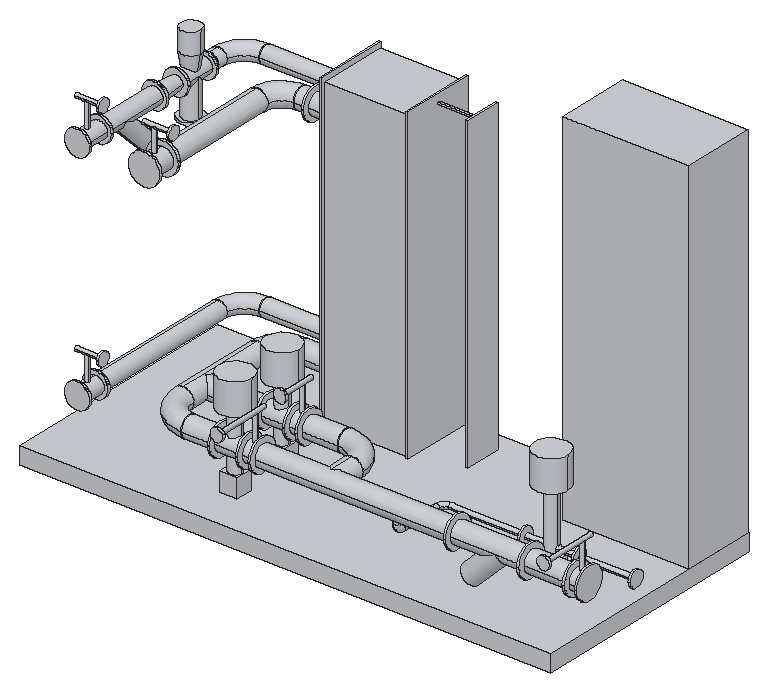
Revit family "换热机组 - 0.5-4.0 MW", category 机械设备, Revit 2020
Family settings
  圆形连接件大小 = 使用半径
  零件类型 = 标准
  基于工作平面 = 否
  总是垂直 = 是
  加载时剪切的空心 = 否
  共享 = 否
  房间计算点 = 否
Parameters (values of type "0.50-1.25 MW")
  默认高程 = 0 mm
  粗糙系数 = 0.200 mm
  管道状态 = "正常"
  局部阻力系数 = 0.200 mm
  宽度 8 = 0.075 * 热交换器宽度  # 88.275 mm
  宽度 7 = 0.3 * 热交换器宽度  # 353.1 mm
  宽度 6 = 0.2 * 热交换器宽度  # 235.4 mm
  宽度 5 = 0.8 * 一次水出口直径  # 64 mm
  宽度 4 = 0.4 * 热交换器宽度  # 470.8 mm
  宽度 3 = 0.1 * 热交换器宽度  # 117.7 mm
  宽度 2 = 280 mm
  宽度 1 = 232 mm
  重量 = "1500 kg"
  电压 = 380 V
  型号 = "0.5-1.25MW"
  供水半径 = 50 mm
  供水流量 [instance] = 0.0 L/s
  供水法兰半径 = 1.5 * 供水半径  # 75 mm
  供水法兰直径 = 2 * 供水法兰半径  # 150 mm
  供水直径 = 供水半径 * 2  # 100 mm
  二次水出口温度 = 70 °C
  二次水进口温度 = 95 °C
  回水半径 = 50 mm
  供水压降 [instance] = 0.0 Pa
  回水流量 [instance] = 0.0 L/s
  回水法兰半径 = 1.5 * 回水半径  # 75 mm
  回水法兰直径 = 2 * 回水法兰半径  # 150 mm
  回水直径 = 回水半径 * 2  # 100 mm
  半径 9 = 1.2 * 一次水进口半径  # 48 mm
  半径 8 = 30 mm
  半径 7 = 80 mm
  半径 6 = 35 mm
  半径 5 = 30 mm
  半径 4 = 3 * 补水管半径  # 37.5 mm
  半径 3 = 3 * 回水半径  # 150 mm
  半径 2 = 0.1 * 热交换器宽度  # 117.7 mm
  半径 10 = 10 mm
  半径 1 = 宽度 6 - 50 mm - 一次水进口法兰半径  # 125.4 mm
  下游编号 = ""
  上游编号 = ""
  一次水压降 [instance] = 0.0 Pa
  一次水出口温度 = 80 °C
  一次水出口半径 = 40 mm
  一次水出口法兰半径 = 1.5 * 一次水出口半径  # 60 mm
  一次水出口法兰直径 = 2 * 一次水出口法兰半径  # 120 mm
  一次水出口直径 = 一次水出口半径 * 2  # 80 mm
  一次水进口温度 = 130 °C
  一次水进口半径 = 40 mm
  一次水进口直径 = 一次水进口半径 * 2  # 80 mm
  一次水进口法兰半径 = 1.5 * 一次水进口半径  # 60 mm
  一次水进口法兰直径 = 2 * 一次水进口法兰半径  # 120 mm
  一次水流量 [instance] = 0.0 L/s
  极数 = 3
  补水管半径 = 12.5 mm
  补水管法兰半径 = 3 * 补水管半径  # 37.5 mm
  补水管法兰直径 = 2 * 补水管法兰半径  # 75 mm
  补水管直径 = 补水管半径 * 2  # 25 mm
  补给水流量 [instance] = 0.0 L/s
  负荷分类 = 采暖
  长度 6 = 0.05 * 长度 2  # 102.8 mm
  长度 5 = 0.1 * 长度 2  # 205.6 mm
  长度 4 = 0.02 * 热交换器长度  # 50.52 mm
  长度 3 = 0.2 * 长度 2  # 411.2 mm
  长度 2 = 2056 mm
  长度 1 = 320 mm
  高度 4 = 0.5 * 高度 3  # 87.5 mm
  高度 3 = 175 mm
  高度 2 = 280 mm
  高度 1 = 1080 mm
  换热量 = 1250.00 kW
  热交换器宽度 = 1177 mm
  热交换器长度 = 2526 mm
  热交换器高度 = 1800 mm
  热交换器材质 = none
  法兰厚度 = 10 mm
  视在负荷 = 15.00 kW
  角度 = 45.00°
Reference planes
  plane 1 "中心(前/后)": y = 0
  plane 2: z = 0
  plane 3 "中心(左/右)": x = 0
  plane 4: x = 150
  plane 5: x = 2526
  plane 6: y = 150
  plane 7: y = 1177
  plane 8: z = 1800
  plane 9: z = 80
  plane 10: z = 280
  plane 11: z = 1360
  plane 12: z = 175
  plane 13: y = 232
  plane 14: y = 512
  plane 15: x = 470
  plane 16: x = 150
  plane 17: y = 160
  plane 18: y = 260
  plane 19: y = 290
  plane 20: y = 620.8
  plane 21: y = 738.5
  plane 22: x = 190
  plane 23: x = 110
  plane 24: x = 182
  plane 25: x = 118
  plane 26: y = 768.5
  plane 27: y = 886.2
  plane 28: y = 916.2
  plane 29: y = 941.6
  plane 30: x = 110
  plane 31: x = 190
  plane 32: x = 118
  plane 33: x = 182
  plane 34: y = 991.6
  plane 35: x = 275.4
  plane 36: x = 686.6
  plane 37: y = 1117
  plane 38: x = 716.6
  plane 39: x = 767.12
  plane 40: y = 823.9
  plane 41: z = 1560
  plane 42: x = 777.12
  plane 43: y = 1167
  plane 44: y = 833.9
  plane 45: z = 1540
  plane 46: x = 1188.32
  plane 47: y = 1000.45
  plane 48: y = 1005.45
  plane 49: y = 995.45
  plane 50: x = 1393.92
  plane 51: z = 1530
  plane 52: z = 1520
  plane 53: y = 1088.725
  plane 54: y = 912.175
  plane 55: x = 1403.92
  plane 56: y = 941.6
  plane 57: x = 676.6
  plane 58: x = 646.6
  plane 59: y = 270
  plane 60: y = 280
  plane 61: y = 896.2
  plane 62: y = 906.2
  plane 63: y = 748.5
  plane 64: y = 758.5
  plane 65: x = 666.6
  plane 66: x = 656.6
  plane 67: x = 706.6
  plane 68: x = 696.6
  plane 69: x = 587.7
  plane 70: x = 2516
  plane 71: x = 2466
  plane 72: x = 2456
  plane 73: y = 590
  plane 74: y = 600
  plane 75: y = 610
  plane 76: y = 620
  plane 77: x = 728.03
  plane 78: x = 620
  plane 79: y = 382
  plane 80: x = 630
  plane 81: y = 1306.893
  plane 82: x = 1603.92
  plane 83: y = 474.5
  plane 84: x = 1641.42
  plane 85: y = 269.5
  plane 86: z = 212.5
  plane 87: x = 1291.12
  plane 88: y = 362
  plane 89: x = 1141.12
  plane 90: x = 1926
  plane 91: y = 777
  plane 92: z = 90
  plane 93: y = 767
  plane 94: y = 1187
  plane 95: x = 2250.4
  plane 96: x = 2240.4
  plane 97: x = 2230.4
  plane 98: x = 2220.4
  plane 99: x = 1920.4
  plane 100: x = 1910.4
  plane 101: x = 1900.4
  plane 102: x = 1890.4
  plane 103: x = 766.6
  plane 104: x = 776.6
  plane 105: x = 786.6
  plane 106: x = 796.6
  plane 107: x = 879.92
  plane 108: x = 889.92
  plane 109: x = 899.92
  plane 110: x = 909.92
  plane 111: x = 959.92
  plane 112: x = 969.92
  plane 113: x = 979.92
  plane 114: x = 989.92
  plane 115: x = 1039.92
  plane 116: x = 1049.92
  plane 117: x = 1059.92
  plane 118: x = 1069.92
  plane 119: x = 2506
  plane 120: x = 2496
  plane 121: x = 2256
  plane 122: x = 2246
  plane 123: x = 2236
  plane 124: x = 2226
  plane 125: x = 2020.4
  plane 126: x = 2010.4
  plane 127: x = 2000.4
  plane 128: x = 1990.4
  plane 129: x = 1790.4
  plane 130: x = 1780.4
  plane 131: x = 1770.4
  plane 132: x = 1760.4
  plane 133: z = 430
  plane 134: z = 440
  plane 135: z = 590
  plane 136: z = 180
  plane 137: y = 272
  plane 138: y = 192
  plane 139: x = 838.26
  plane 140: z = 167.5
  plane 141: y = 552
  plane 142: y = 472
  plane 143: x = 2120.4
  plane 144: z = 130
  plane 145: x = 2080.4
  plane 146: x = 2160.4
  plane 147: y = 552
  plane 148: y = 472
  plane 149: z = 1420
  plane 150: z = 1520
  plane 151: y = 210
  plane 152: x = 210
  plane 153: x = 220
  plane 154: x = 230
  plane 155: x = 545
  plane 156: x = 555
  plane 157: x = 565
  plane 158: z = 340
  plane 159: z = 440
  plane 160: x = 934.92
  plane 161: z = 355
  plane 162: z = 455
  plane 163: y = 157
  plane 164: x = 2491
  plane 165: y = 437
  plane 166: y = 387
  plane 167: y = 377
  plane 168: y = 210
  plane 169: z = 1670
  plane 170: y = 827.35
  plane 171: z = 1460
  plane 172: z = 1560
  plane 173: z = 1300
  plane 174: z = 1200
  plane 175: z = 1190
  plane 176: z = 1180
  plane 177: z = 1170
  plane 178: x = 100
  plane 179: x = 420
  plane 180: y = 562
  plane 181: y = 282
  plane 182: y = 260
  plane 183: y = 270
  plane 184: x = 360
  plane 185: x = 680
  plane 186: y = 107
  plane 187: y = 512
  plane 188: x = 2726
  plane 189: z = 280
  plane 190: z = 1360
  plane 191: x = 360
  plane 192: x = 680
  plane 193: z = 280
  plane 194: z = 175
  plane 195: x = 2726
  plane 196: z = 1750
  plane 197: z = 280
  plane 198: z = 1360
  plane 199: y = -50
  plane 200: x = 250
  plane 201: z = 1700
  plane 202: x = 200
  plane 203: x = 235
  plane 204: x = 165
  plane 205: x = 231
  plane 206: x = 169
  plane 207: x = 198
  plane 208: x = 202
  plane 209: z = 1795
  plane 210: z = 1705
  plane 211: z = 1750
  plane 212: z = 1748
  plane 213: z = 1752
  plane 214: y = 10
  plane 215: x = 100
  plane 216: x = 50
  plane 217: x = 15
  plane 218: x = 85
  plane 219: x = 19
  plane 220: x = 81
  plane 221: x = 48
  plane 222: x = 52
  plane 223: x = 2120.4
  plane 224: z = 1160
  plane 225: y = 390
Forms (mm)
  Extrusion 1, solid, material <- "热交换器材质", detail levels medium+fine
    sketch origin (0, 0, 0) x (1, 0, 0) y (0, 0, 1)
      loop
        circle (150, 1360) r 60
    from -160 to -150
  Extrusion 2, solid, material <- "热交换器材质", detail levels medium+fine
    sketch origin (0, 0, 0) x (1, 0, 0) y (0, 0, 1)
      loop
        circle (150, 1360) r 60
    from -290 to -280
  Extrusion 3, solid, material <- "热交换器材质", detail levels medium+fine
    sketch origin (0, 0, 0) x (1, 0, 0) y (0, 0, 1)
      loop
        circle (150, 1360) r 40
    from -620.8 to -160
  Revolve 4, solid, material <- "热交换器材质", detail levels medium+fine
    sketch origin (0, 1442.421, 1360) x (0, 1, 0) y (-1, 0, 0)
      loop
        line (-821.621, -190) -> (-703.921, -182) -> (-703.921, -150) -> (-821.621, -150) -> (-821.621, -190)
      axis (-703.921, -150) -> (-821.621, -150)
    angle from 0 to 360
  Extrusion 5, solid, material <- "热交换器材质", detail levels medium+fine
    sketch origin (0, 0, 0) x (1, 0, 0) y (0, 0, 1)
      loop
        circle (150, 1360) r 60
    from -748.5 to -738.5
  Extrusion 6, solid, material <- "热交换器材质", detail levels medium+fine
    sketch origin (0, 0, 0) x (1, 0, 0) y (0, 0, 1)
      loop
        circle (150, 1360) r 60
    from -916.2 to -906.2
  Revolve 7, solid, material <- "热交换器材质", detail levels medium+fine
    sketch origin (0, 1442.421, 1360) x (0, 1, 0) y (-1, 0, 0)
      loop
        line (-526.221, -150) -> (-526.221, -182) -> (-500.821, -190) -> (-500.821, -150) -> (-526.221, -150)
      axis (-500.821, -150) -> (-526.221, -150)
    angle from 0 to 360
  Extrusion 8, solid, material <- "热交换器材质", detail levels medium+fine
    sketch origin (0, 941.6, 2337.039) x (0, 0, 1) y (-1, 0, 0)
      loop
        circle (-977.039, -150) r 40
    from -50 to 0
  Extrusion 9, solid, material <- "热交换器材质", detail levels medium+fine
    sketch origin (0, 0, 0) x (0, 1, 0) y (0, 0, 1)
      loop
        circle (1117, 1360) r 40
    from 275.4 to 686.6
  Extrusion 10, solid, material <- "热交换器材质", detail levels medium+fine
    sketch origin (0, 0, 0) x (0, 1, 0) y (0, 0, 1)
      loop
        circle (1117, 1360) r 60
    from 686.6 to 696.6
  Extrusion 11, solid, material <- "热交换器材质", detail levels medium+fine
    sketch origin (0, 0, 0) x (0, 1, 0) y (0, 0, 1)
      loop
        line (1177, 80) -> (1177, 1560) -> (823.9, 1560) -> (823.9, 80) -> (1177, 80)
    from 767.12 to 777.12
  Extrusion 12, solid, material <- "热交换器材质", detail levels medium+fine
    sketch origin (0, 1442.421, 1360) x (0, 1, 0) y (-1, 0, 0)
      loop
        line (-608.521, -777.12) -> (-608.521, -1178.32) -> (-275.421, -1178.32) -> (-275.421, -777.12) -> (-608.521, -777.12)
    from -1280 to 180
  Extrusion 13, solid, material <- "热交换器材质", detail levels medium+fine
    sketch origin (0, 1442.421, 1360) x (0, 1, 0) y (-1, 0, 0)
      loop
        line (-618.521, -1178.32) -> (-618.521, -1188.32) -> (-265.421, -1188.32) -> (-265.421, -1178.32) -> (-618.521, -1178.32)
    from -1280 to 200
  Extrusion 14, solid, material <- "热交换器材质", detail levels medium+fine
    sketch origin (0, 1442.421, 1360) x (0, 1, 0) y (-1, 0, 0)
      loop
        line (-446.971, -1188.32) -> (-446.971, -1393.92) -> (-436.971, -1393.92) -> (-436.971, -1188.32) -> (-446.971, -1188.32)
    from 160 to 170
  Extrusion 15, solid, material <- "热交换器材质", detail levels medium+fine
    sketch origin (0, 1442.421, 1360) x (0, 1, 0) y (-1, 0, 0)
      loop
        line (-530.246, -1393.92) -> (-530.246, -1403.92) -> (-353.696, -1403.92) -> (-353.696, -1393.92) -> (-530.246, -1393.92)
    from -1280 to 200
  Extrusion 16, solid, material <- "热交换器材质", detail levels medium+fine
    sketch origin (0, 0, 0) x (0, 1, 0) y (0, 0, 1)
      loop
        circle (941.6, 1360) r 75
    from 646.6 to 656.6
  Extrusion 17, solid, material <- "热交换器材质", detail levels medium+fine
    sketch origin (0, 991.6, 2337.039) x (0, 0, 1) y (-1, 0, 0)
      loop
        circle (-977.039, -470) r 75
    from 831.6 to 841.6
  Extrusion 18, solid, material <- "热交换器材质", detail levels medium+fine
    sketch origin (0, 991.6, 2337.039) x (0, 0, 1) y (-1, 0, 0)
      loop
        circle (-977.039, -470) r 75
    from 721.6 to 731.6
  Extrusion 19, solid, material <- "热交换器材质", detail levels medium+fine
    sketch origin (0, 0, 0) x (0, 1, 0) y (0, 0, 1)
      loop
        circle (1117, 1360) r 40
    from 686.6 to 767.12
  Extrusion 20, solid, material <- "热交换器材质", detail levels medium+fine
    sketch origin (0, 991.6, 2337.039) x (0, 0, 1) y (-1, 0, 0)
      loop
        circle (-977.039, -470) r 50
    from 167.7 to 831.6
  Extrusion 21, solid, material <- "热交换器材质", detail levels medium+fine
    sketch origin (0, 0, 0) x (0, 1, 0) y (0, 0, 1)
      loop
        circle (941.6, 1360) r 50
    from 587.7 to 767.12
  Extrusion 22, solid, material <- "热交换器材质", detail levels medium+fine
    sketch origin (0, 0, 0) x (0, 1, 0) y (0, 0, 1)
      loop
        circle (232, 280) r 75
    from 2516 to 2526
  Extrusion 23, solid, material <- "热交换器材质", detail levels medium+fine
    sketch origin (0, 0, 0) x (0, 1, 0) y (0, 0, 1)
      loop
        circle (232, 280) r 75
    from 2456 to 2466
  Extrusion 24, solid, material <- "热交换器材质", detail levels medium+fine
    sketch origin (0, 991.6, 2337.039) x (0, 0, 1) y (-1, 0, 0)
      loop
        circle (-977.039, -150) r 60
    from 371.6 to 381.6
  Extrusion 25, solid, material <- "热交换器材质", detail levels medium+fine
    sketch origin (0, 0, 0) x (0, 1, 0) y (0, 0, 1)
      loop
        circle (232, 280) r 50
    from 2456 to 2526
  Sweep 26, solid, material <- "热交换器材质", detail levels medium+fine
    path origin (-1580.339, -1524, 280) x (-1, 0, 0) y (0, -1, 0)
      loop
        arc (-2200.339, -1756) -> (-2094.273, -1799.934) -> (-2050.339, -1906) r 150
    profile origin (513.934, 275.934, 280) x (-0.707107, -0.707107, 0) y (0, 0, 1)
      loop
        circle (0, 0) r 50
  Extrusion 27, solid, material <- "热交换器材质", detail levels medium+fine
    sketch origin (0, 0, 0) x (0, 1, 0) y (0, 0, 1)
      loop
        circle (232, 280) r 50
    from 620 to 2456
  Extrusion 28, solid, material <- "热交换器材质", detail levels medium+fine
    sketch origin (0, 991.6, 2337.039) x (0, 0, 1) y (-1, 0, 0)
      loop
        circle (-2057.039, -470) r 50
    from 167.7 to 609.6
  Extrusion 29, solid, material <- "热交换器材质", detail levels medium+fine
    sketch origin (0, 0, 0) x (0, 1, 0) y (0, 0, 1)
      loop
        circle (941.6, 280) r 50
    from 587.7 to 767.12
  Extrusion 30, solid, material <- "热交换器材质", detail levels medium+fine
    sketch origin (0, 991.6, 2337.039) x (0, 0, 1) y (-1, 0, 0)
      loop
        circle (-2057.039, -150) r 40
    from 0 to 841.6
  Extrusion 31, solid, material <- "热交换器材质", detail levels medium+fine
    sketch origin (0, 991.6, 2337.039) x (0, 0, 1) y (-1, 0, 0)
      loop
        circle (-2057.039, -150) r 60
    from 831.6 to 841.6
  Extrusion 32, solid, material <- "热交换器材质", detail levels medium+fine
    sketch origin (0, 0, 0) x (0, 1, 0) y (0, 0, 1)
      loop
        circle (1117, 280) r 40
    from 275.4 to 767.12
  Extrusion 33, solid, material <- "热交换器材质", detail levels medium+fine
    sketch origin (0, 0, 0) x (0, 1, 0) y (0, 0, 1)
      loop
        circle (1117, 280) r 60
    from 686.6 to 696.6
  Extrusion 34, solid, material <- "热交换器材质", detail levels medium+fine
    sketch origin (0, 0, 0) x (0, 1, 0) y (0, 0, 1)
      loop
        circle (512, 175) r 12.5
    from 1641.42 to 2526
  Sweep 35, solid, material <- "热交换器材质", detail levels medium+fine
    path origin (0, 1421.618, 175) x (0, 1, 0) y (-1, 0, 0)
      loop
        arc (-909.618, -1641.42) -> (-920.602, -1614.903) -> (-947.118, -1603.92) r 37.5
    profile origin (1614.903, 501.017, 175) x (0.707107, -0.707107, 0) y (0, 0, 1)
      loop
        circle (0, 0) r 12.5
  Extrusion 36, solid, material <- "热交换器材质", detail levels medium+fine
    sketch origin (0, 991.6, 2337.039) x (0, 0, 1) y (-1, 0, 0)
      loop
        circle (-2162.039, -1603.92) r 12.5
    from 517.1 to 722.1
  Sweep 37, solid, material <- "热交换器材质", detail levels medium+fine
    path origin (1603.92, 1468.757, 1200) x (0, 1, 0) y (0, 0, 1)
      loop
        arc (-1199.257, -1025) -> (-1225.774, -1014.017) -> (-1236.757, -987.5) r 37.5
    profile origin (1603.92, 242.983, 185.983) x (0, -0.707107, -0.707107) y (1, 0, 0)
      loop
        circle (0, 0) r 12.5
  Extrusion 38, solid, material <- "热交换器材质", detail levels medium+fine
    sketch origin (0, 1421.618, 175) x (0, 1, 0) y (-1, 0, 0)
      loop
        circle (-1189.618, -1603.92) r 12.5
    from 37.5 to 105
  Extrusion 39, solid, material <- "热交换器材质", detail levels medium+fine
    sketch origin (0, 991.6, 2337.039) x (0, 0, 1) y (-1, 0, 0)
      loop
        circle (-2057.039, -1291.12) r 50
    from 629.6 to 759.6
  Sweep 40, solid, material <- "热交换器材质", detail levels medium+fine
    path origin (-1580.339, -1524, 280) x (-1, 0, 0) y (0, -1, 0)
      loop
        arc (-2871.459, -1886) -> (-2827.525, -1992.066) -> (-2721.459, -2036) r 150
    profile origin (1247.186, 468.066, 280) x (-0.707107, -0.707107, 0) y (0, 0, 1)
      loop
        circle (0, 0) r 50
  Extrusion 41, solid, material <- "热交换器材质", detail levels medium+fine
    sketch origin (1603.92, 1468.757, 1200) x (0, 1, 0) y (0, 0, 1)
      loop
        circle (-956.757, -920) r 50
    from -1133.92 to -462.8
  Extrusion 42, solid, material <- "热交换器材质", detail levels medium+fine
    sketch origin (1603.92, 1468.757, 1200) x (0, 1, 0) y (0, 0, 1)
      loop
        circle (-1236.757, -920) r 75
    from 636.48 to 646.48
  Extrusion 43, solid, material <- "热交换器材质", detail levels medium+fine
    sketch origin (1603.92, 1468.757, 1200) x (0, 1, 0) y (0, 0, 1)
      loop
        circle (-1236.757, -920) r 75
    from 286.48 to 296.48
  Extrusion 44, solid, material <- "热交换器材质", detail levels medium+fine
    sketch origin (1603.92, 1468.757, 1200) x (0, 1, 0) y (0, 0, 1)
      loop
        circle (-1236.757, -920) r 75
    from -837.32 to -827.32
  Extrusion 45, solid, material <- "热交换器材质", detail levels medium+fine
    sketch origin (1603.92, 1468.757, 1200) x (0, 1, 0) y (0, 0, 1)
      loop
        circle (-956.757, -920) r 75
    from -837.32 to -827.32
  Extrusion 46, solid, material <- "热交换器材质", detail levels medium+fine
    sketch origin (1603.92, 1468.757, 1200) x (0, 1, 0) y (0, 0, 1)
      loop
        circle (-1236.757, -920) r 75
    from -704 to -694
  Extrusion 47, solid, material <- "热交换器材质", detail levels medium+fine
    sketch origin (1603.92, 1468.757, 1200) x (0, 1, 0) y (0, 0, 1)
      loop
        circle (-956.757, -920) r 75
    from -704 to -694
  Extrusion 48, solid, material <- "热交换器材质", detail levels medium+fine
    sketch origin (1603.92, 1468.757, 1200) x (0, 1, 0) y (0, 0, 1)
      loop
        circle (-1236.757, -920) r 75
    from -644 to -634
  Extrusion 49, solid, material <- "热交换器材质", detail levels medium+fine
    sketch origin (1603.92, 1468.757, 1200) x (0, 1, 0) y (0, 0, 1)
      loop
        circle (-956.757, -920) r 75
    from -644 to -634
  Extrusion 50, solid, material <- "热交换器材质", detail levels medium+fine
    sketch origin (1603.92, 1468.757, 1200) x (0, 1, 0) y (0, 0, 1)
      loop
        circle (-956.757, -1025) r 37.5
    from 912.08 to 922.08
  Extrusion 51, solid, material <- "热交换器材质", detail levels medium+fine
    sketch origin (1603.92, 1468.757, 1200) x (0, 1, 0) y (0, 0, 1)
      loop
        circle (-956.757, -1025) r 37.5
    from 642.08 to 652.08
  Extrusion 52, solid, material <- "热交换器材质", detail levels medium+fine
    sketch origin (1603.92, 1468.757, 1200) x (0, 1, 0) y (0, 0, 1)
      loop
        circle (-956.757, -1025) r 37.5
    from 386.48 to 396.48
  Extrusion 53, solid, material <- "热交换器材质", detail levels medium+fine
    sketch origin (-1580.339, -1524, 280) x (-1, 0, 0) y (0, -1, 0)
      loop
        circle (-2418.599, -2036) r 30
    from -112.5 to 150
  Extrusion 54, solid, material <- "热交换器材质", detail levels medium+fine
    sketch origin (-1580.339, -1524, 280) x (-1, 0, 0) y (0, -1, 0)
      loop
        circle (-2418.599, -2036) r 35
    from 150 to 160
  Extrusion 55, solid, material <- "热交换器材质", detail levels medium+fine
    sketch origin (-1580.339, -1524, 280) x (-1, 0, 0) y (0, -1, 0)
      loop
        circle (-2418.599, -2036) r 80
    from 160 to 310
  Extrusion 56, solid, material <- "热交换器材质", detail levels medium+fine
    sketch origin (-1580.339, -1524, 280) x (-1, 0, 0) y (0, -1, 0)
      loop
        circle (-2418.599, -1756) r 30
    from -112.5 to 150
  Extrusion 57, solid, material <- "热交换器材质", detail levels medium+fine
    sketch origin (-1580.339, -1524, 280) x (-1, 0, 0) y (0, -1, 0)
      loop
        circle (-2418.599, -1756) r 35
    from 150 to 160
  Extrusion 58, solid, material <- "热交换器材质", detail levels medium+fine
    sketch origin (-1580.339, -1524, 280) x (-1, 0, 0) y (0, -1, 0)
      loop
        circle (-2418.599, -1756) r 80
    from 160 to 310
  Extrusion 59, solid, material <- "热交换器材质", detail levels medium+fine
    sketch origin (0, 991.6, 2337.039) x (0, 0, 1) y (-1, 0, 0)
      loop
        line (-2257.039, -796.6) -> (-2257.039, -879.92) -> (-2169.539, -879.92) -> (-2169.539, -796.6) -> (-2257.039, -796.6)
    from 719.6 to 799.6
  Extrusion 60, solid, material <- "热交换器材质", detail levels medium+fine
    sketch origin (0, 991.6, 2337.039) x (0, 0, 1) y (-1, 0, 0)
      loop
        line (-2257.039, -796.6) -> (-2257.039, -879.92) -> (-2169.539, -879.92) -> (-2169.539, -796.6) -> (-2257.039, -796.6)
    from 439.6 to 519.6
  Extrusion 61, solid, material <- "热交换器材质", detail levels medium+fine
    sketch origin (-1580.339, -1524, 280) x (-1, 0, 0) y (0, -1, 0)
      loop
        circle (-3700.739, -2036) r 35
    from 150 to 160
  Extrusion 62, solid, material <- "热交换器材质", detail levels medium+fine
    sketch origin (-1580.339, -1524, 280) x (-1, 0, 0) y (0, -1, 0)
      loop
        circle (-3700.739, -2036) r 80
    from 160 to 310
  Extrusion 63, solid, material <- "热交换器材质", detail levels medium+fine
    sketch origin (0, 991.6, 2337.039) x (0, 0, 1) y (-1, 0, 0)
      loop
        line (-2257.039, -2080.4) -> (-2257.039, -2160.4) -> (-2207.039, -2160.4) -> (-2207.039, -2080.4) -> (-2257.039, -2080.4)
    from 439.6 to 519.6
  Extrusion 64, solid, material <- "热交换器材质", detail levels medium+fine
    sketch origin (-1580.339, -1524, 280) x (-1, 0, 0) y (0, -1, 0)
      loop
        circle (-3700.739, -2036) r 30
    from -150 to 150
  Extrusion 65, solid, material <- "热交换器材质", detail levels medium+fine
    sketch origin (1603.92, 1468.757, 1200) x (0, 1, 0) y (0, 0, 1)
      loop
        circle (-1258.757, 320) r 30
    from -1383.92 to -1373.92
  Extrusion 66, solid, material <- "热交换器材质", detail levels medium+fine
    sketch origin (1603.92, 1468.757, 1200) x (0, 1, 0) y (0, 0, 1)
      loop
        circle (-1258.757, 320) r 30
    from -1048.92 to -1038.92
  Extrusion 67, solid, material <- "热交换器材质", detail levels medium+fine
    sketch origin (1603.92, 1468.757, 1200) x (0, 1, 0) y (0, 0, 1)
      loop
        circle (-1258.757, -760) r 30
    from -1383.92 to -1373.92
  Extrusion 68, solid, material <- "热交换器材质", detail levels medium+fine
    sketch origin (0, 991.6, 2337.039) x (0, 0, 1) y (-1, 0, 0)
      loop
        circle (-1882.039, -934.92) r 30
    from 981.6 to 991.6
  Extrusion 69, solid, material <- "热交换器材质", detail levels medium+fine
    sketch origin (0, 991.6, 2337.039) x (0, 0, 1) y (-1, 0, 0)
      loop
        circle (-1882.039, -2491) r 30
    from 981.6 to 991.6
  Extrusion 70, solid, material <- "热交换器材质", detail levels medium+fine
    sketch origin (0, 991.6, 2337.039) x (0, 0, 1) y (-1, 0, 0)
      loop
        circle (-1882.039, -934.92) r 30
    from 604.6 to 614.6
  Extrusion 71, solid, material <- "热交换器材质", detail levels medium+fine
    sketch origin (-1580.339, -1524, 280) x (-1, 0, 0) y (0, -1, 0)
      loop
        circle (-1730.339, -2351.35) r 48
    from 1180 to 1280
  SweptBlend 72, solid, material <- "热交换器材质", detail levels medium+fine
    path origin (1603.92, 1468.757, 1200) x (0, 1, 0) y (0, 0, 1)
      loop
        line (-641.407, 260) -> (-641.407, 160)
    profile origin (1603.92, 827.35, 1460) x (1, 0, 0) y (0, 1, 0)
      loop
        circle (-1453.92, 0) r 48
    end profile origin (1603.92, 827.35, 1360) x (1, 0, 0) y (0, 1, 0)
      loop
        circle (-1453.92, 0) r 30
  Extrusion 73, solid, material <- "热交换器材质", detail levels medium+fine
    sketch origin (-1580.339, -1524, 280) x (-1, 0, 0) y (0, -1, 0)
      loop
        circle (-1730.339, -2351.35) r 60
    from 890 to 900
  Extrusion 74, solid, material <- "热交换器材质", detail levels medium+fine
    sketch origin (-1580.339, -1524, 280) x (-1, 0, 0) y (0, -1, 0)
      loop
        circle (-1730.339, -2351.35) r 40
    from 890 to 1080
  Extrusion 75, solid, material <- "热交换器材质", detail levels medium+fine
    sketch origin (-1580.339, -1524, 280) x (-1, 0, 0) y (0, -1, 0)
      loop
        circle (-1730.339, -1734) r 10
    from 0 to 160
  Extrusion 76, solid, material <- "热交换器材质", detail levels medium+fine
    sketch origin (1603.92, 1468.757, 1200) x (0, 1, 0) y (0, 0, 1)
      loop
        circle (-1258.757, -760) r 10
    from -1503.92 to -1383.92
  Extrusion 77, solid, material <- "热交换器材质", detail levels medium+fine
    sketch origin (-1580.339, -1524, 280) x (-1, 0, 0) y (0, -1, 0)
      loop
        circle (-1730.339, -1734) r 10
    from 1080 to 1240
  Extrusion 78, solid, material <- "热交换器材质", detail levels medium+fine
    sketch origin (1603.92, 1468.757, 1200) x (0, 1, 0) y (0, 0, 1)
      loop
        circle (-1258.757, 320) r 10
    from -1503.92 to -1383.92
  Extrusion 79, solid, material <- "热交换器材质", detail levels medium+fine
    sketch origin (1603.92, 1468.757, 1200) x (0, 1, 0) y (0, 0, 1)
      loop
        circle (-1258.757, 320) r 10
    from -1183.92 to -1048.92
  Extrusion 80, solid, material <- "热交换器材质", detail levels medium+fine
    sketch origin (-1580.339, -1524, 280) x (-1, 0, 0) y (0, -1, 0)
      loop
        circle (-2050.339, -1734) r 10
    from 1080 to 1240
  Extrusion 81, solid, material <- "热交换器材质", detail levels medium+fine
    sketch origin (-1580.339, -1524, 280) x (-1, 0, 0) y (0, -1, 0)
      loop
        circle (-2515.259, -2036) r 10
    from 0 to 175
  Extrusion 82, solid, material <- "热交换器材质", detail levels medium+fine
    sketch origin (-1580.339, -1524, 280) x (-1, 0, 0) y (0, -1, 0)
      loop
        circle (-2515.259, -1756) r 10
    from 0 to 175
  Extrusion 83, solid, material <- "热交换器材质", detail levels medium+fine
    sketch origin (0, 991.6, 2337.039) x (0, 0, 1) y (-1, 0, 0)
      loop
        circle (-1882.039, -934.92) r 10
    from 429.6 to 604.6
  Extrusion 84, solid, material <- "热交换器材质", detail levels medium+fine
    sketch origin (0, 991.6, 2337.039) x (0, 0, 1) y (-1, 0, 0)
      loop
        circle (-1882.039, -934.92) r 10
    from 709.6 to 991.6
  Extrusion 85, solid, material <- "热交换器材质", detail levels medium+fine
    sketch origin (0, 991.6, 2337.039) x (0, 0, 1) y (-1, 0, 0)
      loop
        circle (-2057.039, -150) r 60
    from 721.6 to 731.6
  Extrusion 86, solid, material <- "热交换器材质", detail levels medium+fine
    sketch origin (-1580.339, -1524, 280) x (-1, 0, 0) y (0, -1, 0)
      loop
        circle (-4071.339, -1756) r 10
    from 0 to 175
  Extrusion 87, solid, material <- "热交换器材质", detail levels medium+fine
    sketch origin (0, 991.6, 2337.039) x (0, 0, 1) y (-1, 0, 0)
      loop
        circle (-1882.039, -2491) r 10
    from 709.6 to 991.6
  Sweep 88, solid, material <- "热交换器材质", detail levels medium+fine
    path origin (0, 1442.421, 1360) x (0, 1, 0) y (-1, 0, 0)
      loop
        arc (-325.421, -275.4) -> (-362.15, -186.729) -> (-450.821, -150) r 125.4
    profile origin (186.729, 1080.271, 1360) x (0.707107, -0.707107, 0) y (0, 0, 1)
      loop
        circle (0, 0) r 40
  Sweep 89, solid, material <- "热交换器材质", detail levels medium+fine
    path origin (0, 1442.421, 1360) x (0, 1, 0) y (-1, 0, 0)
      loop
        arc (-500.821, -587.7) -> (-535.294, -504.474) -> (-618.521, -470) r 117.7
    profile origin (504.474, 907.126, 1360) x (0.707107, -0.707107, 0) y (0, 0, 1)
      loop
        circle (0, 0) r 50
  Sweep 90, solid, material <- "热交换器材质", detail levels medium+fine
    path origin (-1580.339, -1524, 280) x (-1, 0, 0) y (0, -1, 0)
      loop
        arc (-1730.339, -2515.6) -> (-1767.068, -2604.271) -> (-1855.739, -2641) r 125.4
    profile origin (186.729, 1080.271, 280) x (-0.707107, 0.707107, 0) y (0, 0, 1)
      loop
        circle (0, 0) r 40
  Sweep 91, solid, material <- "热交换器材质", detail levels medium+fine
    path origin (-1580.339, -1524, 280) x (-1, 0, 0) y (0, -1, 0)
      loop
        arc (-2050.339, -2347.9) -> (-2084.813, -2431.126) -> (-2168.039, -2465.6) r 117.7
    profile origin (504.474, 907.126, 280) x (-0.707107, 0.707107, 0) y (0, 0, 1)
      loop
        circle (0, 0) r 50
  Extrusion 92, solid, material <- "热交换器材质", detail levels medium+fine
    sketch origin (1603.92, 1468.757, 1200) x (0, 1, 0) y (0, 0, 1)
      loop
        line (-291.757, -1200) -> (-291.757, -1120) -> (-1468.757, -1120) -> (-1468.757, -1200) -> (-291.757, -1200)
    from -1603.92 to 922.08
  Extrusion 93, solid, material <- "热交换器材质", detail levels coarse
    sketch origin (0, 150, 2741.474) x (0, 0, 1) y (-1, 0, 0)
      loop
        line (-2741.474, 0) -> (-2741.474, -2526) -> (-941.474, -2526) -> (-941.474, 0) -> (-2741.474, 0)
    from -1027 to 150
  Extrusion 94, solid, material <- "热交换器材质", detail levels medium+fine
    sketch origin (0, 0, 0) x (1, 0, 0) y (0, 0, 1)
      loop
        circle (150, 1360) r 40
    from -916.2 to -738.5
  Sweep 95, solid, material <- "热交换器材质", detail levels medium+fine
    path in 3D
      loop
        line (2120.4, 232, 280) -> (1964.837, 232, 124.437)
    profile origin (2042.618, 232, 202.218) x (-0.707107, 0, 0.707107) y (0, 1, 0)
      loop
        circle (0, 0) r 50
  Sweep 96, solid, material <- "热交换器材质", detail levels medium+fine
    path in 3D
      loop
        line (150, 390, 1360) -> (150, 552.635, 1197.365)
    profile origin (150, 471.317, 1278.683) x (0, 0.707107, 0.707107) y (1, 0, 0)
      loop
        circle (0, 0) r 40
  Extrusion 97, solid, material <- "热交换器材质", detail levels medium+fine
    sketch origin (-1301.626, 232, 1200) x (-1, 0, 0) y (0, 0, 1)
      loop
        line (-3227.626, -1120) -> (-3227.626, 600) -> (-3827.626, 600) -> (-3827.626, -1120) -> (-3227.626, -1120)
    from 591.9 to 945
Cuts and joins
  joined: Extrusion 1, Extrusion 2, Extrusion 3, Revolve 4, Extrusion 5, Extrusion 6, Revolve 7, Extrusion 8, Extrusion 9, Extrusion 10, Extrusion 16, Extrusion 17, Extrusion 18, Extrusion 19, Extrusion 20, Extrusion 21, Extrusion 22, Extrusion 23, Extrusion 24, Extrusion 25, Extrusion 27, Extrusion 28, Extrusion 29, Extrusion 30, Extrusion 31, Extrusion 32, Extrusion 33, Extrusion 34, Sweep 35, Extrusion 36, Sweep 37, Extrusion 38, Extrusion 39, Extrusion 41, Extrusion 42, Extrusion 43, Extrusion 44, Extrusion 45, Extrusion 46, Extrusion 47, Extrusion 48, Extrusion 49, Extrusion 50, Extrusion 51, Extrusion 52, Extrusion 53, Extrusion 56, Extrusion 64, Extrusion 65, Extrusion 66, Extrusion 67, Extrusion 68, Extrusion 69, Extrusion 70, Extrusion 71, SweptBlend 72, Extrusion 73, Extrusion 74, Extrusion 75, Extrusion 76, Extrusion 77, Extrusion 78, Extrusion 79, Extrusion 80, Extrusion 81, Extrusion 82, Extrusion 83, Extrusion 84, Extrusion 85, Extrusion 86, Extrusion 87, Extrusion 94, Sweep 95, Sweep 96
Lines and regions (mm)
  symbolic lines, detail levels coarse
    curve 1: line (2526, 107, 280) -> (2726, 107, 280)
    curve 2: line (2526, 512, 280) -> (2726, 512, 280)
    curve 3: line (2526, 991.6, 280) -> (2726, 991.6, 280)
    curve 4: line (2526, 991.6, 175) -> (2726, 991.6, 175)
    curve 5: line (1603.92, 150, 280) -> (1603.92, -50, 280)
    curve 6: line (1603.92, 150, 1360) -> (1603.92, -50, 1360)
  model lines, style "热交换器", detail levels coarse
    curve 7: line (50, 0, 1795) -> (52, 0, 1795)
    curve 8: line (50, 0, 1795) -> (15, 0, 1748)
    curve 9: line (52, 0, 1795) -> (18.489, 0, 1750)
    curve 10: line (18.489, 0, 1750) -> (85, 0, 1750)
    curve 11: line (15, 0, 1748) -> (81, 0, 1748)
    curve 13: line (100, 0, 1800) -> (100, 0, 1700)
    curve 14: line (0, 0, 1700) -> (100, 0, 1700)
    curve 15: line (81, 0, 1748) -> (48, 0, 1705)
    curve 16: line (85, 0, 1750) -> (50, 0, 1705)
    curve 17: line (50, 0, 1705) -> (48, 0, 1705)
  model lines, style "热交换器"
    curve 12: line (52, 0, 1700) -> (50, 0, 1700)
  reference lines
    curve 18: line (2120.4, 232, 280) -> (1964.837, 232, 124.437)
    curve 20: line (150, 390, 1360) -> (150, 552.635, 1197.365)
  sketch lines
    curve 19: line (2120.4, 232, 280) -> (1964.837, 232, 124.437)
    curve 21: line (150, 390, 1360) -> (150, 552.635, 1197.365)
Dimensions and locks
  locked: plane 4 to plane 3 "中心(左/右)" at 150
  "热交换器高度": plane 8 to plane 2
  locked: plane 9 to plane 2 at 80
  "高度 1": plane 11 to plane 10
  "高度 2": plane 10 to plane 2
  "高度 3": plane 12 to plane 2
  "宽度 1": plane 1 "中心(前/后)" to plane 13
  "宽度 2": plane 14 to plane 13
  "长度 2": plane 5 to plane 15
  "长度 1": plane 15 to plane 16
  "法兰厚度": plane 17 to plane 6
  "宽度 4": plane 20 to plane 6
  "宽度 3": plane 21 to plane 20
  equal spacing: plane 23, plane 16, plane 22
  "一次水进口直径": plane 23 to plane 22
  equal spacing: plane 25, plane 16, plane 24
  "宽度 5": plane 25 to plane 24
  "宽度 3": plane 27 to plane 26
  equal spacing: plane 30, plane 16, plane 31
  "一次水进口直径": plane 30 to plane 31
  equal spacing: plane 32, plane 16, plane 33
  "宽度 5": plane 32 to plane 33
  locked: plane 34 to plane 29 at 50
  "半径 1": plane 35 to plane 16
  "长度 3": plane 36 to plane 35
  "长度 4": plane 39 to plane 38
  "宽度 6": plane 7 to plane 29
  "一次水进口法兰半径": plane 7 to plane 37
  "宽度 7": plane 7 to plane 40
  locked: plane 41 to plane 11 at 200
  locked: plane 42 to plane 39 at 10
  locked: plane 43 to plane 7 at 10
  locked: plane 44 to plane 40 at 10
  locked: plane 41 to plane 45 at 20
  equal spacing: plane 40, plane 47, plane 7
  locked: plane 48 to plane 47 at 5
  locked: plane 47 to plane 49 at 5
  "长度 5": plane 50 to plane 46
  locked: plane 45 to plane 51 at 10
  locked: plane 51 to plane 52 at 10
  locked: plane 50 to plane 55 at 10
  locked: plane 57 to plane 36 at 10
  locked: plane 60 to plane 59 at 10
  "法兰厚度": plane 19 to plane 60
  "法兰厚度": plane 59 to plane 18
  locked: plane 62 to plane 61 at 10
  "法兰厚度": plane 61 to plane 27
  "法兰厚度": plane 28 to plane 62
  "法兰厚度": plane 63 to plane 21
  locked: plane 64 to plane 63 at 10
  "法兰厚度": plane 26 to plane 64
  "法兰厚度": plane 57 to plane 65
  locked: plane 65 to plane 66 at 10
  "法兰厚度": plane 66 to plane 58
  "法兰厚度": plane 38 to plane 67
  locked: plane 67 to plane 68 at 10
  "法兰厚度": plane 68 to plane 36
  "半径 2": plane 40 to plane 56
  "半径 2": plane 15 to plane 69
  "宽度 8": plane 47 to plane 54
  "宽度 8": plane 53 to plane 47
  locked: plane 5 to plane 70 at 10
  locked: plane 18 to plane 17 at 100
  locked: plane 70 to plane 71 at 50
  locked: plane 71 to plane 72 at 10
  locked: plane 19 to plane 73 at 300
  "法兰厚度": plane 74 to plane 73
  locked: plane 75 to plane 74 at 10
  "法兰厚度": plane 76 to plane 75
  "半径 3": plane 79 to plane 13
  "半径 3": plane 15 to plane 78
  locked: plane 78 to plane 80 at 10
  locked: plane 55 to plane 82 at 200
  "半径 4": plane 14 to plane 83
  "半径 4": plane 82 to plane 84
  "半径 4": plane 85 to plane 13
  "半径 4": plane 86 to plane 12
  "长度 3": plane 46 to plane 42
  equal spacing: plane 46, plane 87, plane 50
  "半径 3": plane 14 to plane 88
  "半径 3": plane 89 to plane 87
  locked: plane 5 to plane 90 at 600
  locked: plane 7 to plane 91 at 400
  locked: plane 92 to plane 9 at 10
  locked: plane 91 to plane 93 at 10
  locked: plane 94 to plane 7 at 10
  "长度 5": plane 72 to plane 95
  "法兰厚度": plane 95 to plane 96
  locked: plane 96 to plane 97 at 10
  "法兰厚度": plane 97 to plane 98
  locked: plane 98 to plane 99 at 300
  "法兰厚度": plane 99 to plane 100
  locked: plane 100 to plane 101 at 10
  "法兰厚度": plane 101 to plane 102
  locked: plane 103 to plane 38 at 50
  "法兰厚度": plane 104 to plane 103
  locked: plane 105 to plane 104 at 10
  "法兰厚度": plane 106 to plane 105
  "法兰厚度": plane 108 to plane 107
  locked: plane 109 to plane 108 at 10
  "法兰厚度": plane 110 to plane 109
  "长度 6": plane 107 to plane 42
  locked: plane 110 to plane 111 at 50
  "法兰厚度": plane 111 to plane 112
  locked: plane 112 to plane 113 at 10
  "法兰厚度": plane 113 to plane 114
  locked: plane 114 to plane 115 at 50
  "法兰厚度": plane 115 to plane 116
  locked: plane 116 to plane 117 at 10
  "法兰厚度": plane 117 to plane 118
  locked: plane 119 to plane 70 at 10
  "法兰厚度": plane 120 to plane 119
  locked: plane 72 to plane 121 at 200
  "法兰厚度": plane 121 to plane 122
  locked: plane 122 to plane 123 at 10
  "法兰厚度": plane 123 to plane 124
  "长度 5": plane 124 to plane 125
  "法兰厚度": plane 125 to plane 126
  locked: plane 126 to plane 127 at 10
  "法兰厚度": plane 127 to plane 128
  locked: plane 128 to plane 129 at 200
  "法兰厚度": plane 129 to plane 130
  locked: plane 130 to plane 131 at 10
  "法兰厚度": plane 131 to plane 132
  locked: plane 133 to plane 10 at 150
  locked: plane 134 to plane 133 at 10
  locked: plane 135 to plane 134 at 150
  locked: plane 136 to plane 9 at 100
  locked: plane 13 to plane 138 at 40
  locked: plane 137 to plane 13 at 40
  equal spacing: plane 106, plane 139, plane 107
  locked: plane 141 to plane 14 at 40
  locked: plane 14 to plane 142 at 40
  equal spacing: plane 125, plane 143, plane 98
  "高度 4": plane 140 to plane 9
  locked: plane 144 to plane 9 at 50
  locked: plane 143 to plane 145 at 40
  locked: plane 146 to plane 143 at 40
  locked: plane 14 to plane 148 at 40
  locked: plane 147 to plane 14 at 40
  "一次水出口法兰半径": plane 149 to plane 11
  locked: plane 150 to plane 149 at 100
  equal spacing: plane 18, plane 151, plane 17
  "一次水进口法兰半径": plane 16 to plane 152
  locked: plane 153 to plane 154 at 10
  "供水法兰半径": plane 15 to plane 155
  locked: plane 156 to plane 157 at 10
  "一次水出口法兰半径": plane 158 to plane 10
  locked: plane 159 to plane 158 at 100
  equal spacing: plane 111, plane 160, plane 110
  "回水法兰半径": plane 161 to plane 10
  locked: plane 162 to plane 161 at 100
  "回水法兰半径": plane 13 to plane 163
  equal spacing: plane 70, plane 164, plane 71
  "回水法兰半径": plane 14 to plane 165
  locked: plane 165 to plane 166 at 50
  locked: plane 166 to plane 167 at 10
  equal spacing: plane 17, plane 168, plane 18
  locked: plane 169 to plane 150 at 150
  equal spacing: plane 26, plane 170, plane 27
  locked: plane 171 to plane 11 at 100
  locked: plane 172 to plane 171 at 100
  "一次水进口法兰半径": plane 11 to plane 173
  locked: plane 173 to plane 174 at 100
  "法兰厚度": plane 174 to plane 175
  locked: plane 175 to plane 176 at 10
  "法兰厚度": plane 176 to plane 177
  locked: plane 16 to plane 178 at 50
  locked: plane 15 to plane 179 at 50
  locked: plane 180 to plane 14 at 50
  locked: plane 181 to plane 13 at 50
  locked: plane 182 to plane 17 at 100
  locked: plane 183 to plane 182 at 10
  locked: plane 4 to plane 184 at 210
  locked: plane 184 to plane 185 at 320
  locked: plane 1 "中心(前/后)" to plane 186 at 107
  locked: plane 187 to plane 186 at 405
  locked: plane 5 to plane 188 at 200
  locked: plane 189 to plane 2 at 280
  locked: plane 190 to plane 189 at 1080
  locked: plane 191 to plane 4 at 210
  locked: plane 192 to plane 191 at 320
  locked: plane 194 to plane 2 at 175
  locked: plane 193 to plane 194 at 105
  locked: plane 195 to plane 5 at 200
  locked: plane 8 to plane 196 at 50
  plane 8 to plane 196 = 50 mm
  locked: plane 197 to plane 2 at 280
  locked: plane 198 to plane 197 at 1080
  locked: plane 6 to plane 199 at 200
  locked: plane 8 to plane 201 at 100
  locked: plane 200 to plane 4 at 100
  equal spacing: plane 200, plane 202, plane 4
  locked: plane 204 to plane 4 at 15
  locked: plane 200 to plane 203 at 15
  locked: plane 203 to plane 205 at 4
  locked: plane 206 to plane 204 at 4
  locked: plane 208 to plane 202 at 2
  locked: plane 202 to plane 207 at 2
  locked: plane 8 to plane 209 at 5
  locked: plane 210 to plane 201 at 5
  equal spacing: plane 8, plane 211, plane 201
  locked: plane 211 to plane 212 at 2
  locked: plane 213 to plane 211 at 2
  "热交换器长度": plane 5 to plane 3 "中心(左/右)"
  "热交换器宽度": plane 7 to plane 1 "中心(前/后)"
  locked: plane 214 to plane 1 "中心(前/后)" at 10
  locked: plane 215 to plane 3 "中心(左/右)" at 100
  equal spacing: plane 215, plane 216, plane 3 "中心(左/右)"
  locked: plane 217 to plane 3 "中心(左/右)" at 15
  locked: plane 215 to plane 218 at 15
  locked: plane 219 to plane 217 at 4
  locked: plane 218 to plane 220 at 4
  locked: plane 222 to plane 216 at 2
  locked: plane 216 to plane 221 at 2
  locked: plane 155 to plane 156 at 10
  locked: plane 152 to plane 153 at 10
  locked: plane 98 to plane 223 at 100
  locked: plane 11 to plane 224 at 200
  locked: plane 225 to plane 19 at 100
  locked: curve 18 to curve 18 at 220
  locked: curve 20 to curve 20 at 230
  "一次水进口法兰半径": radius of Extrusion 1 sketch curve
  "一次水进口法兰半径": radius of Extrusion 2 sketch curve
  "一次水进口半径": radius of Extrusion 3 sketch curve
  "一次水进口法兰半径": radius of Extrusion 5 sketch curve
  "一次水进口法兰半径": radius of Extrusion 6 sketch curve
  "一次水进口半径": radius of Extrusion 8 sketch curve
  "一次水进口半径": radius of Extrusion 9 sketch curve
  "一次水进口法兰半径": radius of Extrusion 10 sketch curve
  "供水法兰半径": radius of Extrusion 16 sketch curve
  "供水法兰半径": radius of Extrusion 17 sketch curve
  "供水法兰半径": radius of Extrusion 18 sketch curve
  "一次水进口半径": radius of Extrusion 19 sketch curve
  "供水半径": radius of Extrusion 20 sketch curve
  "供水半径": radius of Extrusion 21 sketch curve
  "回水法兰半径": radius of Extrusion 22 sketch curve
  "回水法兰半径": radius of Extrusion 23 sketch curve
  "一次水进口法兰半径": radius of Extrusion 24 sketch curve
  "回水半径": radius of Extrusion 25 sketch curve
  "半径 3": radius of Sweep 26 sketch curve
  "回水半径": radius of Sweep 26 sketch curve
  "回水半径": radius of Extrusion 27 sketch curve
  "回水半径": radius of Extrusion 28 sketch curve
  "回水半径": radius of Extrusion 29 sketch curve
  "一次水出口半径": radius of Extrusion 30 sketch curve
  "一次水出口法兰半径": radius of Extrusion 31 sketch curve
  "一次水出口半径": radius of Extrusion 32 sketch curve
  "一次水出口法兰半径": radius of Extrusion 33 sketch curve
  "补水管半径": radius of Extrusion 34 sketch curve
  "半径 4": radius of Sweep 35 sketch curve
  "补水管半径": radius of Sweep 35 sketch curve
  "补水管半径": radius of Extrusion 36 sketch curve
  "半径 4": radius of Sweep 37 sketch curve
  "补水管半径": radius of Sweep 37 sketch curve
  "补水管半径": radius of Extrusion 38 sketch curve
  "回水半径": radius of Extrusion 39 sketch curve
  "半径 3": radius of Sweep 40 sketch curve
  "回水半径": radius of Sweep 40 sketch curve
  "回水半径": radius of Extrusion 41 sketch curve
  "回水法兰半径": radius of Extrusion 42 sketch curve
  "回水法兰半径": radius of Extrusion 43 sketch curve
  "回水法兰半径": radius of Extrusion 44 sketch curve
  "回水法兰半径": radius of Extrusion 45 sketch curve
  "回水法兰半径": radius of Extrusion 46 sketch curve
  "回水法兰半径": radius of Extrusion 47 sketch curve
  "回水法兰半径": radius of Extrusion 48 sketch curve
  "回水法兰半径": radius of Extrusion 49 sketch curve
  "补水管法兰半径": radius of Extrusion 50 sketch curve
  "补水管法兰半径": radius of Extrusion 51 sketch curve
  "补水管法兰半径": radius of Extrusion 52 sketch curve
  "半径 5": radius of Extrusion 53 sketch curve
  "半径 6": radius of Extrusion 54 sketch curve
  "半径 7": radius of Extrusion 55 sketch curve
  "半径 5": radius of Extrusion 56 sketch curve
  "半径 6": radius of Extrusion 57 sketch curve
  "半径 7": radius of Extrusion 58 sketch curve
  "半径 6": radius of Extrusion 61 sketch curve
  "半径 7": radius of Extrusion 62 sketch curve
  "半径 5": radius of Extrusion 64 sketch curve
  "半径 8": radius of Extrusion 65 sketch curve
  "半径 8": radius of Extrusion 66 sketch curve
  "半径 8": radius of Extrusion 67 sketch curve
  "半径 8": radius of Extrusion 68 sketch curve
  "半径 5": radius of Extrusion 69 sketch curve
  "半径 8": radius of Extrusion 70 sketch curve
  "半径 9": radius of Extrusion 71 sketch curve
  "半径 9": radius of SweptBlend 72 sketch curve
  "半径 5": radius of SweptBlend 72 sketch curve
  "一次水进口法兰半径": radius of Extrusion 73 sketch curve
  "一次水进口半径": radius of Extrusion 74 sketch curve
  "半径 10": radius of Extrusion 75 sketch curve
  "半径 10": radius of Extrusion 76 sketch curve
  "半径 10": radius of Extrusion 77 sketch curve
  "半径 10": radius of Extrusion 78 sketch curve
  "半径 10": radius of Extrusion 79 sketch curve
  "半径 10": radius of Extrusion 80 sketch curve
  "半径 10": radius of Extrusion 81 sketch curve
  "半径 10": radius of Extrusion 82 sketch curve
  "半径 10": radius of Extrusion 83 sketch curve
  "半径 10": radius of Extrusion 84 sketch curve
  "一次水出口法兰半径": radius of Extrusion 85 sketch curve
  "半径 10": radius of Extrusion 86 sketch curve
  "半径 10": radius of Extrusion 87 sketch curve
  "一次水进口半径": radius of Sweep 88 sketch curve
  "半径 1": radius of Sweep 88 sketch curve
  "供水半径": radius of Sweep 89 sketch curve
  "半径 2": radius of Sweep 89 sketch curve
  "一次水出口半径": radius of Sweep 90 sketch curve
  "半径 1": radius of Sweep 90 sketch curve
  "回水半径": radius of Sweep 91 sketch curve
  "半径 2": radius of Sweep 91 sketch curve
  "一次水进口半径": radius of Extrusion 94 sketch curve
  "回水半径": radius of Sweep 95 sketch curve
  "一次水进口半径": radius of Sweep 96 sketch curve
  "角度": angle plane 10 to curve 18
  "角度": angle plane 11 to curve 20
  aligned and locked: level to plane 2
  aligned and locked: plane 11 to Extrusion 1 sketch curve
  aligned and locked: plane 16 to Extrusion 1 sketch curve
  aligned and locked: Extrusion 1 to plane 17
  aligned and locked: plane 6 to Extrusion 1
  aligned and locked: plane 11 to Extrusion 2 sketch curve
  aligned and locked: plane 16 to Extrusion 2 sketch curve
  aligned and locked: Extrusion 2 to plane 19
  aligned and locked: plane 11 to Extrusion 3 sketch curve
  aligned and locked: plane 16 to Extrusion 3 sketch curve
  aligned and locked: plane 17 to Extrusion 3
  aligned and locked: Extrusion 3 to plane 20
  aligned and locked: plane 24 to Revolve 4 sketch curve
  aligned and locked: plane 21 to Revolve 4 sketch curve
  aligned and locked: plane 20 to Revolve 4 sketch curve
  aligned and locked: plane 16 to Revolve 4 sketch curve
  aligned and locked: plane 22 to Revolve 4 sketch curve
  aligned and locked: plane 11 to Extrusion 5 sketch curve
  aligned and locked: plane 16 to Extrusion 5 sketch curve
  aligned and locked: plane 21 to Extrusion 5
  aligned and locked: plane 11 to Extrusion 6 sketch curve
  aligned and locked: plane 16 to Extrusion 6 sketch curve
  aligned and locked: Extrusion 6 to plane 28
  aligned and locked: plane 16 to Revolve 7 sketch curve
  aligned and locked: plane 31 to Revolve 7 sketch curve
  aligned and locked: plane 29 to Revolve 7 sketch curve  (x2)
  aligned and locked: plane 33 to Revolve 7 sketch curve
  aligned and locked: plane 28 to Revolve 7 sketch curve  (x2)
  aligned and locked: Revolve 7 sketch curve to Revolve 7 sketch curve  (x2)
  aligned and locked: plane 11 to Extrusion 8 sketch curve
  aligned and locked: plane 16 to Extrusion 8 sketch curve
  aligned and locked: plane 29 to Extrusion 8
  aligned and locked: Extrusion 8 to plane 34
  aligned and locked: plane 11 to Extrusion 9 sketch curve
  aligned and locked: plane 37 to Extrusion 9 sketch curve
  aligned and locked: Extrusion 9 to plane 35
  aligned and locked: plane 36 to Extrusion 9
  aligned and locked: plane 11 to Extrusion 10 sketch curve
  aligned and locked: plane 37 to Extrusion 10 sketch curve
  aligned and locked: Extrusion 10 to plane 36
  aligned and locked: plane 40 to Extrusion 11 sketch curve
  aligned and locked: Extrusion 11 sketch curve to plane 7
  aligned and locked: plane 41 to Extrusion 11 sketch curve
  aligned and locked: Extrusion 11 sketch curve to plane 9
  aligned and locked: plane 42 to Extrusion 11
  aligned and locked: Extrusion 11 to plane 39
  aligned and locked: plane 43 to Extrusion 12 sketch curve
  aligned and locked: Extrusion 12 sketch curve to plane 44
  aligned and locked: Extrusion 12 sketch curve to plane 42
  aligned and locked: plane 45 to Extrusion 12
  aligned and locked: Extrusion 12 to plane 9
  aligned and locked: Extrusion 13 sketch curve to plane 7
  aligned and locked: plane 40 to Extrusion 13 sketch curve
  aligned and locked: plane 46 to Extrusion 13 sketch curve
  aligned and locked: plane 41 to Extrusion 13
  aligned and locked: Extrusion 13 to plane 9
  aligned and locked: Extrusion 14 sketch curve to plane 46
  aligned and locked: plane 50 to Extrusion 14 sketch curve
  aligned and locked: Extrusion 14 sketch curve to plane 49
  aligned and locked: plane 48 to Extrusion 14 sketch curve
  aligned and locked: plane 51 to Extrusion 14
  aligned and locked: Extrusion 14 to plane 52
  aligned and locked: plane 53 to Extrusion 15 sketch curve
  aligned and locked: Extrusion 15 sketch curve to plane 54
  aligned and locked: Extrusion 15 sketch curve to plane 50
  aligned and locked: plane 55 to Extrusion 15 sketch curve
  aligned and locked: plane 41 to Extrusion 15
  aligned and locked: Extrusion 15 to plane 9
  aligned and locked: plane 11 to Extrusion 16 sketch curve
  aligned and locked: plane 56 to Extrusion 16 sketch curve
  aligned and locked: Extrusion 16 to plane 58
  aligned and locked: plane 11 to Extrusion 17 sketch curve
  aligned and locked: plane 15 to Extrusion 17 sketch curve
  aligned and locked: Extrusion 17 to plane 17
  aligned and locked: plane 6 to Extrusion 17
  aligned and locked: plane 11 to Extrusion 18 sketch curve
  aligned and locked: plane 15 to Extrusion 18 sketch curve
  aligned and locked: plane 18 to Extrusion 18
  aligned and locked: plane 60 to Extrusion 2
  aligned and locked: plane 62 to Extrusion 6
  aligned and locked: Extrusion 5 to plane 63
  aligned and locked: plane 66 to Extrusion 16
  aligned and locked: plane 68 to Extrusion 10
  aligned and locked: plane 11 to Extrusion 19 sketch curve
  aligned and locked: plane 37 to Extrusion 19 sketch curve
  aligned and locked: Extrusion 19 to plane 36
  aligned and locked: plane 39 to Extrusion 19
  aligned and locked: Extrusion 18 to plane 59
  aligned and locked: plane 11 to Extrusion 20 sketch curve
  aligned and locked: plane 15 to Extrusion 20 sketch curve
  aligned and locked: plane 17 to Extrusion 20
  aligned and locked: Extrusion 20 to plane 40
  aligned and locked: plane 11 to Extrusion 21 sketch curve
  aligned and locked: plane 56 to Extrusion 21 sketch curve
  aligned and locked: Extrusion 21 to plane 69
  aligned and locked: plane 39 to Extrusion 21
  aligned and locked: plane 10 to Extrusion 22 sketch curve
  aligned and locked: plane 13 to Extrusion 22 sketch curve
  aligned and locked: plane 5 to Extrusion 22
  aligned and locked: Extrusion 22 to plane 70
  aligned and locked: plane 10 to Extrusion 23 sketch curve
  aligned and locked: plane 13 to Extrusion 23 sketch curve
  aligned and locked: plane 71 to Extrusion 23
  aligned and locked: Extrusion 23 to plane 72
  aligned and locked: plane 16 to Extrusion 24 sketch curve
  aligned and locked: plane 11 to Extrusion 24 sketch curve
  aligned and locked: Extrusion 24 to plane 75
  aligned and locked: plane 76 to Extrusion 24
  aligned and locked: plane 10 to Extrusion 25 sketch curve
  aligned and locked: plane 13 to Extrusion 25 sketch curve
  aligned and locked: plane 5 to Extrusion 25
  aligned and locked: Extrusion 25 to plane 72
  aligned and locked: plane 79 to Sweep 26 sketch curve
  aligned and locked: plane 78 to Sweep 26 sketch curve
  aligned and locked: plane 10 to Extrusion 27 sketch curve
  aligned and locked: plane 13 to Extrusion 27 sketch curve
  aligned and locked: Extrusion 27 to plane 78
  aligned and locked: plane 72 to Extrusion 27
  aligned and locked: plane 10 to Extrusion 28 sketch curve
  aligned and locked: plane 15 to Extrusion 28 sketch curve
  aligned and locked: Extrusion 28 to plane 79
  aligned and locked: Extrusion 28 to plane 40
  aligned and locked: plane 10 to Extrusion 29 sketch curve
  aligned and locked: plane 56 to Extrusion 29 sketch curve
  aligned and locked: plane 39 to Extrusion 29
  aligned and locked: Extrusion 29 to plane 69
  aligned and locked: plane 10 to Extrusion 30 sketch curve
  aligned and locked: plane 16 to Extrusion 30 sketch curve
  aligned and locked: plane 6 to Extrusion 30
  aligned and locked: plane 10 to Extrusion 31 sketch curve
  aligned and locked: plane 16 to Extrusion 31 sketch curve
  aligned and locked: plane 6 to Extrusion 31
  aligned and locked: Extrusion 31 to plane 17
  aligned and locked: Extrusion 30 to plane 34
  aligned and locked: plane 10 to Extrusion 32 sketch curve
  aligned and locked: plane 37 to Extrusion 32 sketch curve
  aligned and locked: Extrusion 32 to plane 35
  aligned and locked: plane 10 to Extrusion 33 sketch curve
  aligned and locked: plane 37 to Extrusion 33 sketch curve
  aligned and locked: Extrusion 33 to plane 68
  aligned and locked: Extrusion 33 to plane 36
  aligned and locked: plane 39 to Extrusion 32
  aligned and locked: plane 12 to Extrusion 34 sketch curve
  aligned and locked: plane 14 to Extrusion 34 sketch curve
  aligned and locked: plane 83 to Sweep 35 sketch curve  (x2)
  aligned and locked: plane 84 to Sweep 35 sketch curve  (x2)
  aligned and locked: plane 5 to Extrusion 34
  aligned and locked: Extrusion 34 to plane 84
  aligned and locked: plane 12 to Extrusion 36 sketch curve
  aligned and locked: plane 82 to Extrusion 36 sketch curve
  aligned and locked: plane 83 to Extrusion 36
  aligned and locked: plane 85 to Extrusion 36
  aligned and locked: plane 86 to Sweep 37 sketch curve  (x2)
  aligned and locked: plane 85 to Sweep 37 sketch curve  (x2)
  aligned and locked: plane 13 to Extrusion 38 sketch curve
  aligned and locked: plane 82 to Extrusion 38 sketch curve
  aligned and locked: Extrusion 38 to plane 86
  aligned and locked: plane 10 to Extrusion 38
  aligned and locked: plane 10 to Extrusion 39 sketch curve
  aligned and locked: plane 87 to Extrusion 39 sketch curve
  aligned and locked: plane 89 to Sweep 40 sketch curve
  aligned and locked: plane 88 to Sweep 40 sketch curve  (x2)
  aligned and locked: plane 87 to Sweep 40 sketch curve
  aligned and locked: Extrusion 39 to plane 13
  aligned and locked: plane 88 to Extrusion 39
  aligned and locked: plane 10 to Extrusion 41 sketch curve
  aligned and locked: plane 14 to Extrusion 41 sketch curve
  aligned and locked: plane 89 to Extrusion 41
  aligned and locked: Extrusion 41 to plane 15
  aligned and locked: plane 10 to Extrusion 42 sketch curve
  aligned and locked: plane 13 to Extrusion 42 sketch curve
  aligned and locked: plane 95 to Extrusion 42
  aligned and locked: Extrusion 42 to plane 96
  aligned and locked: plane 10 to Extrusion 43 sketch curve
  aligned and locked: plane 13 to Extrusion 43 sketch curve
  aligned and locked: plane 101 to Extrusion 43
  aligned and locked: Extrusion 43 to plane 102
  aligned and locked: plane 10 to Extrusion 44 sketch curve
  aligned and locked: plane 13 to Extrusion 44 sketch curve
  aligned and locked: Extrusion 44 to plane 103
  aligned and locked: plane 104 to Extrusion 44
  aligned and locked: plane 10 to Extrusion 45 sketch curve
  aligned and locked: plane 14 to Extrusion 45 sketch curve
  aligned and locked: Extrusion 45 to plane 103
  aligned and locked: plane 104 to Extrusion 45
  aligned and locked: plane 10 to Extrusion 46 sketch curve
  aligned and locked: plane 13 to Extrusion 46 sketch curve
  aligned and locked: Extrusion 46 to plane 109
  aligned and locked: plane 110 to Extrusion 46
  aligned and locked: plane 10 to Extrusion 47 sketch curve
  aligned and locked: plane 14 to Extrusion 47 sketch curve
  aligned and locked: Extrusion 47 to plane 109
  aligned and locked: plane 110 to Extrusion 47
  aligned and locked: plane 10 to Extrusion 48 sketch curve
  aligned and locked: plane 13 to Extrusion 48 sketch curve
  aligned and locked: Extrusion 48 to plane 111
  aligned and locked: plane 112 to Extrusion 48
  aligned and locked: plane 10 to Extrusion 49 sketch curve
  aligned and locked: plane 14 to Extrusion 49 sketch curve
  aligned and locked: Extrusion 49 to plane 111
  aligned and locked: plane 112 to Extrusion 49
  aligned and locked: plane 12 to Extrusion 50 sketch curve
  aligned and locked: plane 14 to Extrusion 50 sketch curve
  aligned and locked: plane 5 to Extrusion 50
  aligned and locked: Extrusion 50 to plane 70
  aligned and locked: plane 12 to Extrusion 51 sketch curve
  aligned and locked: plane 14 to Extrusion 51 sketch curve
  aligned and locked: plane 121 to Extrusion 51
  aligned and locked: Extrusion 51 to plane 122
  aligned and locked: plane 12 to Extrusion 52 sketch curve
  aligned and locked: plane 14 to Extrusion 52 sketch curve
  aligned and locked: plane 127 to Extrusion 52
